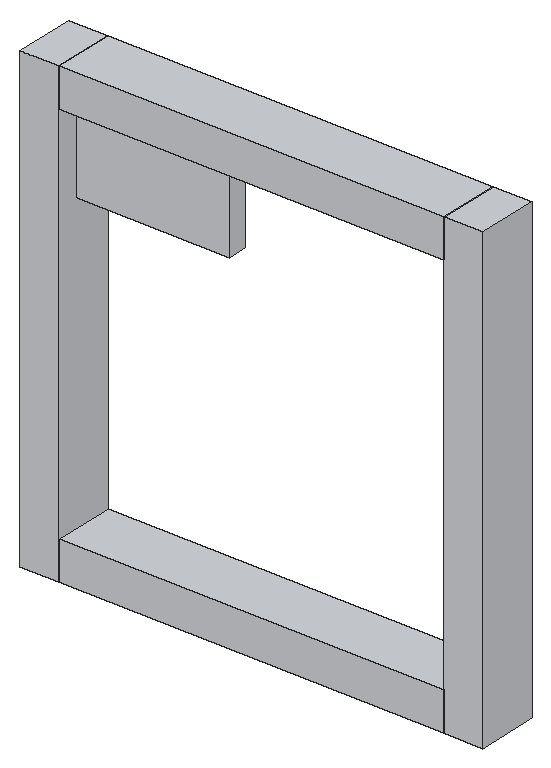
Revit family
Parameters
  larghezza telaio = 50.0 cm
  larghezza montante = 5.0 cm
  inclinazione lamelle = 80.00°
  altezza telaio = 60.0 cm
  altezza corrente = 5.0 cm
Reference planes (cm)
  plane 1 "Centro (Fronte/Retro)": y = 0
  plane 2: z = 0
  plane 3 "Centro (Sinistra/Destra)": x = 0
  plane 4: x = 5
  plane 5: y = 8
  plane 6: x = 55
  plane 7: x = 60
  plane 8: z = 60
  plane 9: z = 5
  plane 10: z = 55
  plane 11: y = 4
  plane 12: y = 2.75
  plane 13: y = 5.25
  plane 14: z = 48.5
Forms (cm)
  Extrusion 1, solid
    sketch origin (0, 0, 0) x (1, 0, 0) y (0, 1, 0)
      loop
        line (0, 8) -> (0, 0) -> (5, 0) -> (5, 8) -> (0, 8)
    from 0 to 60
  Extrusion 2, solid
    sketch origin (55, 0, 0) x (1, 0, 0) y (0, 1, 0)
      loop
        line (0, 8) -> (0, 0) -> (5, 0) -> (5, 8) -> (0, 8)
    from 0 to 60
  Extrusion 3, solid
    sketch origin (0, 0, 0) x (1, 0, 0) y (0, 1, 0)
      loop
        line (5, 8) -> (5, 0) -> (55, 0) -> (55, 8) -> (5, 8)
    from 0 to 5
  Extrusion 4, solid
    sketch origin (-1.9392, -152.4, 60) x (-1, 0, 0) y (0, -1, 0)
      loop
        line (-6.9392, -160.4) -> (-6.9392, -152.4) -> (-56.9392, -152.4) -> (-56.9392, -160.4) -> (-6.9392, -160.4)
    from -5 to 0
  Extrusion 5, solid
    sketch origin (0, 0, 0) x (0, 1, 0) y (0, 0, 1)
      loop
        line (2.75, 53.424) -> (2.75, 43.5) -> (5.25, 43.5) -> (5.25, 53.424) -> (2.75, 53.424)
    from 0 to 25
Lines and regions (cm)
  reference lines
    curve 1: line (0, 3.1318, 53.424) -> (0, 4, 48.5)
Dimensions and locks (cm)
  locked: plane 1 "Centro (Fronte/Retro)" to plane 5 at 8
  "larghezza telaio": plane 4 to plane 6
  "larghezza montante": plane 6 to plane 7
  "larghezza montante": plane 3 "Centro (Sinistra/Destra)" to plane 4
  "altezza telaio": plane 8 to level
  "altezza corrente": plane 9 to level
  "altezza corrente": plane 8 to plane 10
  locked: plane 12 to plane 13 at 2.5
  "inclinazione lamelle": angle curve 1 to plane 14
  aligned and locked: Extrusion 1 sketch curve to plane 5
  aligned and locked: plane 1 "Centro (Fronte/Retro)" to Extrusion 1 sketch curve
  aligned and locked: Extrusion 1 sketch curve to plane 3 "Centro (Sinistra/Destra)"
  aligned and locked: Extrusion 1 sketch curve to plane 4
  aligned and locked: plane 8 to Extrusion 1
  aligned and locked: plane 8 to Extrusion 2
  aligned and locked: Extrusion 3 sketch curve to plane 5
  aligned and locked: plane 1 "Centro (Fronte/Retro)" to Extrusion 3 sketch curve
  aligned and locked: Extrusion 3 sketch curve to plane 6
  aligned and locked: plane 4 to Extrusion 3 sketch curve
  aligned and locked: Extrusion 3 to plane 9
  aligned and locked: Extrusion 4 sketch curve to plane 5
  aligned and locked: plane 1 "Centro (Fronte/Retro)" to Extrusion 4 sketch curve
  aligned and locked: Extrusion 4 sketch curve to plane 6
  aligned and locked: plane 4 to Extrusion 4 sketch curve
  aligned and locked: plane 8 to Extrusion 4
  aligned and locked: plane 10 to Extrusion 4
  aligned and locked: Extrusion 5 to curve 1
Automatic sketch dimensions
  plane 1 "Centro (Fronte/Retro)" to Extrusion 2 sketch curve = 0.0 cm
  Extrusion 2 sketch curve to plane 6 = 0.0 cm
  plane 5 to Extrusion 2 sketch curve = 0.0 cm
  Extrusion 2 sketch curve to plane 7 = 0.0 cm
  Extrusion 5 sketch curve to plane 12 = 0.0 cm
  Extrusion 5 sketch curve to plane 13 = 0.0 cm
  Extrusion 5 sketch curve to plane 14 = 5.0 cm
  plane 10 to Extrusion 5 sketch curve = 1.576 cm
  curve 1 to plane 11 = 0.0 cm
  curve 1 to plane 14 = 0.0 cm
